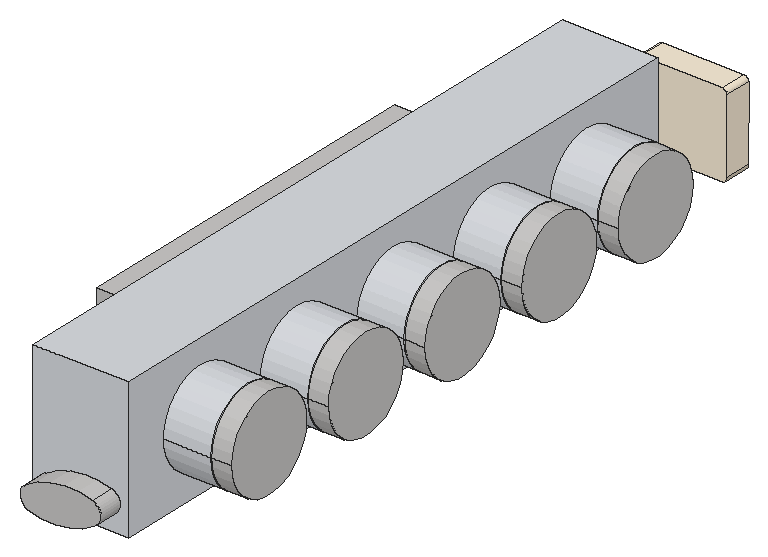
Revit family "HVAC_Ductwork_Airzone_Motorized-Plenum_Haier_Standard_5-Dampers", category Mechanical Equipment, Revit 2016
Family settings
  Part Type = Normal
  Round Connector Dimension = Use Diameter
  OmniClass Number = 23.75.70.14
  OmniClass Title = Air Ductwork
  Work Plane-Based = No
  Always vertical = Yes
  Cut with Voids When Loaded = No
  Shared = No
  Room Calculation Point = No
Parameters (values of type "HAIST01M5")
  Voltage = 230 V
  URL = "www.airzone.es"
  Type Image Comments = "Image available in product documentation download"  # constant formula
  Revit Model Version = "1.0"  # constant formula
  Revit Model Author URL = "www.a3d.es"
  Revit Model Author = "A3D Consulting"  # constant formula
  Product Documentation Download URL = "http://doc.airzone.es/BIM/Easyzone/Haier-Airzone_motorized_plenum.zip"
  Product Comments = "Refer to technical documentation for further details"  # constant formula
  Power Factor = 1
  Neck Width = 803.600 mm
  Neck Length = 95.000 mm
  Neck Height = 148.600 mm
  Material = Metal - AIRZONE - Galvanized Sheet - Semi-polished
  Main Control Board Material = Plastic - AIRZONE - Smooth - Off-white
  Load Classification = Other
  Insulated Body Width = 205.000 mm  # constant formula
  Insulated Body Material = Metal -AIRZONE - Insulating Lining -Aluminum Finish
  Insulated Body Length = 1425.000 mm  # constant formula
  Insulated Body Height = 300.000 mm  # constant formula
  Flow [instance] = Damper 5 Air Flow + Damper 4 Air Flow + Damper 3 Air Flow + Damper 2 Air Flow + Damper 1 Air Flow - Fresh Air Inlet 2 Flow - Fresh Air Inlet 1 Flow  # 1500 m³/h
  Fresh Air Inlet 1 Flow [instance] = 0 m³/h
  Fresh Air Inlet 2 Flow [instance] = 0 m³/h
  Fresh Air Inlet Connection Width = 175.000 mm
  Fresh Air Inlet Connection Height = 75.000 mm
  Model = "HAIST01M5"
  Neck Side Offset = 332.500 mm
  Neck Bottom Offset = 100.200 mm
  Type Image = <None>
  Manufacturer = "AIRZONE"  # constant formula
  Main Control Board Depth = 57.000 mm  # constant formula
  Main Control Board Width = 195.000 mm  # constant formula
  Main Control Board Height = 180.000 mm  # constant formula
  Fixing = ""
  Disclaimer = "All information provided in this model is reviewed before being published. However, Airzone cannot guarantee this model is error-free, therefore users are strongly encouraged to check for technical documentation and updates"  # constant formula
  Description = "Airzone standard motorized plenum with neck that mechanically adapts to the main ducted AC units of Haier."
  Type Comments = ""
  Dampers Length = 149.000 mm  # constant formula
  Dampers Diameter = 200.000 mm  # constant formula
  Damper 5 Air Flow [instance] = 300 m³/h
  Damper 4 Air Flow [instance] = 300 m³/h
  Damper 1 Air Flow [instance] = 300 m³/h
  Damper 2 Air Flow [instance] = 300 m³/h
  Damper 3 Air Flow [instance] = 300 m³/h
  Fresh Air Inlet Connection Offset Height = 48.305 mm  # constant formula
  Compatible Accesories = ""
  Apparent Load = 57.5 VA
Types (2, lengths in mm): name | Neck Width | Neck Height | Model | Neck Side Offset | Neck Bottom Offset
  HAIST01L5 | 1037.400 | 202.600 | "HAIST01L5" | 180.400 | 55.900
  HAIST01M5 | 803.600 | 148.600 | "HAIST01M5" | 332.500 | 100.200
Reference planes
  plane 1 "Center (Front/Back)": y = 0
  plane 2 "Center (Elevation)": z = 0
  plane 3 "Center (Left/Right)": x = 0
  plane 4 "Neck Back": y = 401.8
  plane 5 "Neck Front": y = -401.8
  plane 6 "Neck Top": z = 74.3
  plane 7 "Neck Bottom": z = -74.3
  plane 8 "Left": x = 95
  plane 9 "Bottom": z = -174.5
  plane 10 "Top": z = 125.5
  plane 11 "Front": y = -690.7
  plane 12 "Back": y = 734.3
  plane 13 "Right": x = 300
  plane 14 "Dampers Front": x = 449
  plane 15 "Dampers Center (Elevation)": z = -24.5
  plane 16 "Damper3": y = 21.8
  plane 17 "Damper2": y = 281.8
  plane 18 "Damper1": y = 541.8
  plane 19 "Middle": y = 21.8
  plane 20 "FreshAir Center (Elevation)": z = -126.195
  plane 21 "FreshAir1": y = 786.8
  plane 22 "FreshAir2": y = -743.2
  plane 23 "Dampers Lining": x = 404
  plane 24 "FreshAir Vertical Axis": x = 195.83
  plane 25 "ConnectionBox Side": x = 254
  plane 26 "Main Control Board Center (Left/Right)": x = 351.5
  plane 27 "Damper4": y = -238.2
  plane 28 "Damper5": y = -498.2
Forms (mm)
  Extrusion 1, solid, material "Metal - AIRZONE - Galvanized Sheet - Semi-polished" <- "Material"
    sketch origin (0, 0, 0) x (0, 1, 0) y (0, 0, 1)
      loop
        line (-401.8, 74.3) -> (-401.8, -74.3) -> (401.8, -74.3) -> (401.8, 74.3) -> (-401.8, 74.3)
    from 0 to 95
  Extrusion 2, solid, material "Metal -AIRZONE - Insulating Lining -Aluminum Finish" <- "Insulated Body Material"
    sketch origin (95, 0, 0) x (0, 1, 0) y (0, 0, 1)
      loop
        line (-690.7, 125.5) -> (-690.7, -174.5) -> (734.3, -174.5) -> (734.3, 125.5) -> (-690.7, 125.5)
    from 0 to 205
  Extrusion 3, solid, material "Metal - AIRZONE - Galvanized Sheet - Semi-polished" <- "Material"
    sketch origin (300, 0, 0) x (0, 1, 0) y (0, 0, 1)
      loop
        circle (21.8, -24.5) r 100
    from 104 to 149
  Extrusion 4, solid, material "Metal - AIRZONE - Galvanized Sheet - Semi-polished" <- "Material"
    sketch origin (300, 0, 0) x (0, 1, 0) y (0, 0, 1)
      loop
        circle (281.8, -24.5) r 100
    from 104 to 149
  Extrusion 5, solid, material "Metal - AIRZONE - Galvanized Sheet - Semi-polished" <- "Material"
    sketch origin (300, 0, 0) x (0, 1, 0) y (0, 0, 1)
      loop
        circle (541.8, -24.5) r 100
    from 104 to 149
  Extrusion 6, solid, material "Metal - AIRZONE - Galvanized Sheet - Semi-polished" <- "Material"
    sketch origin (0, -690.7, 0) x (0, 0, 1) y (1, 0, 0)
      loop
        arc (-93.641, 265.204) -> (-115.108, 282.105) -> (-139.812, 270.434) r 25.96
        arc (-139.812, 270.434) -> (-165.802, 200.598) -> (-158.349, 126.456) r 164.67
        arc (-158.349, 126.456) -> (-137.165, 109.589) -> (-112.494, 120.751) r 25.96
        arc (-112.494, 120.751) -> (-86.225, 190.78) -> (-93.641, 265.204) r 164.67
    from 0 to -52.5
  Extrusion 7, solid, material "Metal - AIRZONE - Galvanized Sheet - Semi-polished" <- "Material"
    sketch origin (0, 734.3, 0) x (0, 0, 1) y (1, 0, 0)
      loop
        arc (-93.641, 265.204) -> (-114.825, 282.071) -> (-139.496, 270.909) r 25.96
        arc (-139.496, 270.909) -> (-165.679, 201.53) -> (-158.767, 127.699) r 164.67
        arc (-158.767, 127.699) -> (-137.532, 109.637) -> (-112.178, 121.226) r 25.96
        arc (-112.178, 121.226) -> (-86.188, 191.062) -> (-93.641, 265.204) r 164.67
    from 0 to 52.5
  Extrusion 8, solid, material "Metal -AIRZONE - Insulating Lining -Aluminum Finish" <- "Insulated Body Material"
    sketch origin (300, 0, 0) x (0, 1, 0) y (0, 0, 1)
      loop
        circle (541.8, -24.5) r 100
    from 0 to 104
  Extrusion 9, solid, material "Metal -AIRZONE - Insulating Lining -Aluminum Finish" <- "Insulated Body Material"
    sketch origin (300, -260, 0) x (0, 1, 0) y (0, 0, 1)
      loop
        circle (541.8, -24.5) r 100
    from 0 to 104
  Extrusion 10, solid, material "Metal -AIRZONE - Insulating Lining -Aluminum Finish" <- "Insulated Body Material"
    sketch origin (300, -520, 0) x (0, 1, 0) y (0, 0, 1)
      loop
        circle (541.8, -24.5) r 100
    from 0 to 104
  Extrusion 11, solid, material "Metal - AIRZONE - Galvanized Sheet - Semi-polished" <- "Material"
    sketch origin (300, -190, 0) x (0, 1, 0) y (0, 0, 1)
      loop
        circle (-48.2, -24.5) r 100
    from 104 to 149
  Extrusion 12, solid, material "Metal -AIRZONE - Insulating Lining -Aluminum Finish" <- "Insulated Body Material"
    sketch origin (300, -710, 0) x (0, 1, 0) y (0, 0, 1)
      loop
        circle (471.8, -24.5) r 100
    from 0 to 104
  Extrusion 13, solid, material "Metal -AIRZONE - Insulating Lining -Aluminum Finish" <- "Insulated Body Material"
    sketch origin (300, -970, 0) x (0, 1, 0) y (0, 0, 1)
      loop
        circle (471.8, -24.5) r 100
    from 0 to 104
  Extrusion 14, solid, material "Metal - AIRZONE - Galvanized Sheet - Semi-polished" <- "Material"
    sketch origin (300, -450, 0) x (0, 1, 0) y (0, 0, 1)
      loop
        circle (-48.2, -24.5) r 100
    from 104 to 149
Lines and regions (mm)
  Masking region 1
    outline origin (0, 0, 0) x (1, 0, 0) y (0, 1, 0)
      loop
        line (95, 734.3) -> (95, -690.7) -> (300, -690.7) -> (300, 734.3) -> (95, 734.3)
  Masking region 2, detail levels medium+fine
    outline origin (0, 0, 0) x (1, 0, 0) y (0, 1, 0)
      loop
        line (0, 401.8) -> (0, -401.8) -> (95, -401.8) -> (95, 401.8) -> (0, 401.8)
  Masking region 3, detail levels medium+fine
    outline origin (0, 0, 0) x (1, 0, 0) y (0, 1, 0)
      loop
        line (300, 121.8) -> (300, -78.2) -> (449, -78.2) -> (449, 121.8) -> (300, 121.8)
  Masking region 4, detail levels medium+fine
    outline origin (0, 260, 0) x (1, 0, 0) y (0, 1, 0)
      loop
        line (300, 121.8) -> (300, -78.2) -> (449, -78.2) -> (449, 121.8) -> (300, 121.8)
  Masking region 5, detail levels medium+fine
    outline origin (0, 520, 0) x (1, 0, 0) y (0, 1, 0)
      loop
        line (300, 121.8) -> (300, -78.2) -> (449, -78.2) -> (449, 121.8) -> (300, 121.8)
  Masking region 6, detail levels medium+fine
    outline origin (0, 0, -126.195) x (1, 0, 0) y (0, 1, 0)
      loop
        line (108.33, 786.8) -> (108.33, 734.3) -> (283.33, 734.3) -> (283.33, 786.8) -> (108.33, 786.8)
  Masking region 7, detail levels medium+fine
    outline origin (0, 0, -126.195) x (1, 0, 0) y (0, 1, 0)
      loop
        line (108.33, -690.7) -> (108.33, -743.2) -> (283.33, -743.2) -> (283.33, -690.7) -> (108.33, -690.7)
  Masking region 8, detail levels medium+fine
    outline origin (0, 0, 125.5) x (0, -1, 0) y (1, 0, 0)
      loop
        line (-791.3, 254) -> (-734.3, 254) -> (-734.3, 449) -> (-791.3, 449) -> (-791.3, 254)
  Masking region 9, detail levels medium+fine
    outline origin (0, -190, 0) x (1, 0, 0) y (0, 1, 0)
      loop
        line (300, 51.8) -> (300, -148.2) -> (449, -148.2) -> (449, 51.8) -> (300, 51.8)
  Masking region 10, detail levels medium+fine
    outline origin (0, -450, 0) x (1, 0, 0) y (0, 1, 0)
      loop
        line (300, 51.8) -> (300, -148.2) -> (449, -148.2) -> (449, 51.8) -> (300, 51.8)
  symbolic lines, detail levels coarse
    curve 1: line (95, -690.7, 0) -> (300, 21.8, 0)
    curve 2: line (300, 21.8, 0) -> (95, 734.3, 0)
Dimensions and locks
  equal spacing: plane 4 "Neck Back", plane 1 "Center (Front/Back)", plane 5 "Neck Front"
  "Neck Width": plane 4 "Neck Back" to plane 5 "Neck Front"
  equal spacing: plane 6 "Neck Top", level, plane 7 "Neck Bottom"
  "Neck Height": plane 6 "Neck Top" to plane 7 "Neck Bottom"
  "Neck Length": plane 3 "Center (Left/Right)" to plane 8 "Left"
  "Neck Bottom Offset": plane 7 "Neck Bottom" to plane 9 "Bottom"
  "Insulated Body Height": plane 10 "Top" to plane 9 "Bottom"
  "Insulated Body Length": plane 12 "Back" to plane 11 "Front"
  "Insulated Body Width": plane 8 "Left" to plane 13 "Right"
  "Dampers Length": plane 13 "Right" to plane 14 "Dampers Front"
  equal spacing: plane 10 "Top", plane 15 "Dampers Center (Elevation)", plane 9 "Bottom"
  equal spacing: plane 12 "Back", plane 19 "Middle", plane 11 "Front"
  plane 8 "Left" to plane 13 "Right" = 205.000 mm
  "Fresh Air Inlet Connection Offset Height": plane 20 "FreshAir Center (Elevation)" to plane 9 "Bottom"
  locked: Extrusion 6 sketch curve to plane 9 "Bottom" at 56.47
  locked: plane 13 "Right" to Extrusion 6 sketch curve at 43.69
  locked: plane 13 "Right" to Extrusion 6 sketch curve at 164.65
  locked: Extrusion 6 sketch curve to plane 9 "Bottom" at 40.54
  locked: plane 13 "Right" to Extrusion 6 sketch curve at 87.91
  locked: plane 9 "Bottom" to Extrusion 6 sketch curve at 75.01
  locked: plane 13 "Right" to Extrusion 6 sketch curve at 120.43
  locked: Extrusion 6 sketch curve to plane 9 "Bottom" at 172.02
  locked: plane 13 "Right" to Extrusion 7 sketch curve at 43.69
  locked: Extrusion 7 sketch curve to plane 9 "Bottom" at 56.47
  locked: Extrusion 7 sketch curve to plane 9 "Bottom" at 40.54
  locked: plane 13 "Right" to Extrusion 7 sketch curve at 164.65
  locked: plane 13 "Right" to Extrusion 7 sketch curve at 120.43
  locked: Extrusion 7 sketch curve to plane 9 "Bottom" at 172.02
  locked: plane 9 "Bottom" to Extrusion 7 sketch curve at 75.01
  locked: plane 13 "Right" to Extrusion 7 sketch curve at 87.91
  "Neck Side Offset": plane 12 "Back" to plane 4 "Neck Back"
  locked: plane 21 "FreshAir1" to plane 12 "Back" at 52.5
  plane 11 "Front" to plane 22 "FreshAir2" = 52.500 mm
  locked: connector elem to plane 13 "Right" at 104.17
  locked: plane 20 "FreshAir Center (Elevation)" to connector elem
  locked: plane 13 "Right" to connector elem at 104.17
  locked: connector elem to plane 20 "FreshAir Center (Elevation)"
  locked: plane 23 "Dampers Lining" to plane 14 "Dampers Front" at 45
  locked: plane 24 "FreshAir Vertical Axis" to plane 13 "Right" at 104.17
  equal spacing: Masking region 3 sketch curve, plane 16 "Damper3", Masking region 3 sketch curve
  "Dampers Diameter": Masking region 3 sketch curve to Masking region 3 sketch curve
  "Dampers Diameter": Masking region 4 sketch curve to Masking region 4 sketch curve
  equal spacing: Masking region 5 sketch curve, plane 18 "Damper1", Masking region 5 sketch curve
  "Dampers Diameter": Masking region 5 sketch curve to Masking region 5 sketch curve
  equal spacing: Masking region 6 sketch curve, plane 24 "FreshAir Vertical Axis", Masking region 6 sketch curve
  "Fresh Air Inlet Connection Width": Masking region 6 sketch curve to Masking region 6 sketch curve
  equal spacing: Masking region 7 sketch curve, plane 24 "FreshAir Vertical Axis", Masking region 7 sketch curve
  "Fresh Air Inlet Connection Width": Masking region 7 sketch curve to Masking region 7 sketch curve
  "Main Control Board Depth": Masking region 8 sketch curve to plane 12 "Back"
  "Main Control Board Width": plane 25 "ConnectionBox Side" to plane 14 "Dampers Front"
  equal spacing: plane 25 "ConnectionBox Side", plane 26 "Main Control Board Center (Left/Right)", plane 14 "Dampers Front"
  locked: nested 1 to plane 10 "Top" at 10
  equal spacing: Masking region 4 sketch curve, plane 17 "Damper2", Masking region 4 sketch curve
  equal spacing: Masking region 9 sketch curve, plane 27 "Damper4", Masking region 9 sketch curve
  "Dampers Diameter": Masking region 9 sketch curve to Masking region 9 sketch curve
  plane 18 "Damper1" to plane 17 "Damper2" to plane 16 "Damper3" to plane 27 "Damper4" to plane 28 "Damper5" = 260.000 mm locked, 260.000 mm locked, 260.000 mm locked, 260.000 mm locked
  locked: plane 19 "Middle" to plane 16 "Damper3"
  equal spacing: Masking region 10 sketch curve, plane 28 "Damper5", Masking region 10 sketch curve
  "Dampers Diameter": Masking region 10 sketch curve to Masking region 10 sketch curve
  "Dampers Diameter": diameter of Extrusion 3 sketch curve
  "Dampers Diameter": diameter of Extrusion 4 sketch curve
  "Dampers Diameter": diameter of Extrusion 5 sketch curve
  radius of Extrusion 7 sketch curve = 164.670 mm  (x2)
  radius of Extrusion 7 sketch curve = 25.960 mm  (x2)
  radius of Extrusion 6 sketch curve = 164.670 mm  (x2)
  radius of Extrusion 6 sketch curve = 25.960 mm  (x2)
  "Dampers Diameter": diameter of Extrusion 8 sketch curve
  "Dampers Diameter": diameter of Extrusion 9 sketch curve
  "Dampers Diameter": diameter of Extrusion 10 sketch curve
  "Dampers Diameter": diameter of Extrusion 11 sketch curve
  "Dampers Diameter": diameter of Extrusion 12 sketch curve
  "Dampers Diameter": diameter of Extrusion 13 sketch curve
  "Dampers Diameter": diameter of Extrusion 14 sketch curve
  aligned and locked: level to plane 2 "Center (Elevation)"
  aligned and locked: plane 5 "Neck Front" to Extrusion 1 sketch curve
  aligned and locked: Extrusion 1 sketch curve to plane 6 "Neck Top"
  aligned and locked: Extrusion 1 sketch curve to plane 4 "Neck Back"
  aligned and locked: plane 7 "Neck Bottom" to Extrusion 1 sketch curve
  aligned and locked: Extrusion 1 to plane 3 "Center (Left/Right)"
  aligned and locked: Extrusion 2 sketch curve to plane 10 "Top"
  aligned and locked: Extrusion 2 sketch curve to plane 12 "Back"
  aligned and locked: plane 9 "Bottom" to Extrusion 2 sketch curve
  aligned and locked: plane 11 "Front" to Extrusion 2 sketch curve
  aligned and locked: plane 13 "Right" to Extrusion 2
  aligned and locked: Extrusion 2 to plane 8 "Left"
  aligned and locked: plane 16 "Damper3" to Extrusion 3 sketch curve
  aligned and locked: plane 15 "Dampers Center (Elevation)" to Extrusion 3 sketch curve
  aligned and locked: plane 15 "Dampers Center (Elevation)" to Extrusion 4 sketch curve
  aligned and locked: plane 18 "Damper1" to Extrusion 5 sketch curve
  aligned and locked: plane 15 "Dampers Center (Elevation)" to Extrusion 5 sketch curve
  aligned and locked: plane 14 "Dampers Front" to Extrusion 5
  aligned and locked: plane 14 "Dampers Front" to Extrusion 4
  aligned and locked: plane 14 "Dampers Front" to Extrusion 3
  aligned and locked: plane 8 "Left" to Extrusion 1
  aligned and locked: plane 22 "FreshAir2" to Extrusion 6
  aligned and locked: plane 21 "FreshAir1" to Extrusion 7
  aligned and locked: Extrusion 7 to plane 12 "Back"
  aligned and locked: plane 11 "Front" to Extrusion 6
  aligned and locked: Extrusion 5 to plane 23 "Dampers Lining"
  aligned and locked: Extrusion 5 to Extrusion 4
  aligned and locked: Extrusion 4 to Extrusion 3
  aligned and locked: plane 23 "Dampers Lining" to Extrusion 8
  aligned and locked: Extrusion 10 to plane 13 "Right"
  aligned and locked: plane 23 "Dampers Lining" to Extrusion 10
  aligned and locked: Extrusion 9 to plane 13 "Right"
  aligned and locked: plane 23 "Dampers Lining" to Extrusion 9
  aligned and locked: Extrusion 8 to plane 13 "Right"
  aligned and locked: Extrusion 9 to Extrusion 8
  aligned and locked: plane 18 "Damper1" to Extrusion 8 sketch curve
  aligned and locked: plane 15 "Dampers Center (Elevation)" to Extrusion 8 sketch curve
  aligned and locked: plane 15 "Dampers Center (Elevation)" to Extrusion 9 sketch curve
  aligned and locked: plane 16 "Damper3" to Extrusion 10 sketch curve
  aligned and locked: plane 15 "Dampers Center (Elevation)" to Extrusion 10 sketch curve
  aligned and locked: Masking region 1 sketch curve to plane 12 "Back"
  aligned and locked: plane 8 "Left" to Masking region 1 sketch curve
  aligned and locked: Masking region 1 sketch curve to plane 13 "Right"
  aligned and locked: plane 11 "Front" to Masking region 1 sketch curve
  aligned and locked: plane 5 "Neck Front" to Masking region 2 sketch curve
  aligned and locked: plane 3 "Center (Left/Right)" to Masking region 2 sketch curve
  aligned and locked: Masking region 2 sketch curve to plane 4 "Neck Back"
  aligned and locked: Masking region 2 sketch curve to plane 8 "Left"
  aligned and locked: plane 13 "Right" to Masking region 3 sketch curve
  aligned and locked: Masking region 3 sketch curve to plane 14 "Dampers Front"
  aligned and locked: plane 13 "Right" to Masking region 4 sketch curve
  aligned and locked: Masking region 4 sketch curve to plane 14 "Dampers Front"
  aligned and locked: plane 13 "Right" to Masking region 5 sketch curve
  aligned and locked: Masking region 5 sketch curve to plane 14 "Dampers Front"
  aligned and locked: plane 12 "Back" to Masking region 6 sketch curve
  aligned and locked: Masking region 6 sketch curve to plane 21 "FreshAir1"
  aligned and locked: Masking region 7 sketch curve to plane 11 "Front"
  aligned and locked: Masking region 7 sketch curve to plane 22 "FreshAir2"
  aligned and locked: plane 12 "Back" to Masking region 8 sketch curve
  aligned and locked: Masking region 8 sketch curve to plane 14 "Dampers Front"
  aligned and locked: plane 25 "ConnectionBox Side" to Masking region 8 sketch curve
  aligned and locked: plane 17 "Damper2" to Extrusion 9 sketch curve
  aligned and locked: plane 17 "Damper2" to Extrusion 4 sketch curve
  aligned and locked: Masking region 9 sketch curve to plane 14 "Dampers Front"
  aligned and locked: plane 13 "Right" to Masking region 9 sketch curve
  aligned and locked: Extrusion 12 to plane 13 "Right"
  aligned and locked: plane 23 "Dampers Lining" to Extrusion 12
  aligned and locked: Extrusion 11 to plane 23 "Dampers Lining"
  aligned and locked: plane 14 "Dampers Front" to Extrusion 11
  aligned and locked: plane 15 "Dampers Center (Elevation)" to Extrusion 12 sketch curve
  aligned and locked: plane 27 "Damper4" to Extrusion 12 sketch curve
  aligned and locked: plane 15 "Dampers Center (Elevation)" to Extrusion 11 sketch curve
  aligned and locked: plane 27 "Damper4" to Extrusion 11 sketch curve
  aligned and locked: Masking region 10 sketch curve to plane 14 "Dampers Front"
  aligned and locked: plane 13 "Right" to Masking region 10 sketch curve
  aligned and locked: plane 28 "Damper5" to Extrusion 13 sketch curve
  aligned and locked: plane 15 "Dampers Center (Elevation)" to Extrusion 13 sketch curve
  aligned and locked: Extrusion 14 to plane 23 "Dampers Lining"
  aligned and locked: plane 14 "Dampers Front" to Extrusion 14
  aligned and locked: plane 15 "Dampers Center (Elevation)" to Extrusion 14 sketch curve
  aligned and locked: plane 28 "Damper5" to Extrusion 14 sketch curve
  aligned and locked: nested 1 to plane 26 "Main Control Board Center (Left/Right)"
Automatic sketch dimensions
  curve 2 to plane 8 "Left" = 0.000 mm
  curve 1 to plane 8 "Left" = 0.000 mm
  curve 2 to plane 13 "Right" = 0.000 mm
  curve 1 to plane 11 "Front" = 0.000 mm
  curve 2 to plane 16 "Damper3" = 0.000 mm
  curve 2 to plane 12 "Back" = 0.000 mm
Nested families
  nested 1: "Airzone_Main-Control-Board" at (351.5, 734.3, 25.5) x (-1, 0, 0) z (0, 1, 0), Extrusion <- "Main Control Board Depth", Height <- "Main Control Board Height", Width <- "Main Control Board Width", Material <- "Main Control Board Material", type "Standard"
    with Width 195.000 mm, Material Plastic - AIRZONE - Smooth - Off-white, Height 180.000 mm, Extrusion 57.000 mm
Connectors
  hvac at (449, 21.8, -24.5), driven by "Damper 3 Air Flow", driven by "Dampers Diameter"
    settings: on Extrusion 3, index 1, duct flow 300 m³/h, flow factor 0, pres drop 0.0 Pa, loss coef 0, conn angle 0.00°, conn width 304.8 mm, conn height 304.8 mm, conn diameter 200 mm, duct sys type 1, conn prof type 0, flow config 0, flow direction 2, loss method 0, conn ref index -1, conn util no, is conn primary no, conn desc "Supply Air Out 3"
  hvac at (449, 281.8, -24.5), driven by "Damper 2 Air Flow", driven by "Dampers Diameter"
    settings: on Extrusion 4, index 2, duct flow 300 m³/h, flow factor 0, pres drop 0.0 Pa, loss coef 0, conn angle 0.00°, conn width 304.8 mm, conn height 304.8 mm, conn diameter 200 mm, duct sys type 1, conn prof type 0, flow config 0, flow direction 2, loss method 0, conn ref index -1, conn util no, is conn primary no, conn desc "Supply Air Out 2"
  hvac at (449, 541.8, -24.5), driven by "Damper 1 Air Flow", driven by "Dampers Diameter"
    settings: on Extrusion 5, index 3, duct flow 300 m³/h, flow factor 0, pres drop 0.0 Pa, loss coef 0, conn angle 0.00°, conn width 304.8 mm, conn height 304.8 mm, conn diameter 200 mm, duct sys type 1, conn prof type 0, flow config 0, flow direction 2, loss method 0, conn ref index -1, conn util no, is conn primary no, conn desc "Supply Air Out 1"
  hvac at (0, 0, 0), driven by "Flow", driven by "Neck Height", driven by "Neck Width"
    settings: on Extrusion 1, index 6, duct flow 1500 m³/h, flow factor 0, pres drop 0.0 Pa, loss coef 0, conn angle 0.00°, conn width 803.6 mm, conn height 148.6 mm, conn diameter 609.6 mm, duct sys type 1, conn prof type 1, flow config 1, flow direction 1, loss method 0, conn ref index -1, conn util no, is conn primary yes, conn desc "Supply Air In"
  hvac at (195.83, -743.2, -126.195), driven by "Fresh Air Inlet 2 Flow", driven by "Fresh Air Inlet Connection Width", driven by "Fresh Air Inlet Connection Height"
    settings: index 7, duct flow 0 m³/h, flow factor 0, pres drop 0.0 Pa, loss coef 0, conn angle 0.00°, conn width 175 mm, conn height 75 mm, conn diameter 609.6 mm, duct sys type 1, conn prof type 2, flow config 1, flow direction 1, loss method 0, conn ref index -1, conn util no, is conn primary no, conn desc "Fresh Air In 2"
  hvac at (195.83, 786.8, -126.195), driven by "Fresh Air Inlet 1 Flow", driven by "Fresh Air Inlet Connection Height", driven by "Fresh Air Inlet Connection Width"
    settings: index 8, duct flow 0 m³/h, flow factor 0, pres drop 0.0 Pa, loss coef 0, conn angle 0.00°, conn width 175 mm, conn height 75 mm, conn diameter 609.6 mm, duct sys type 1, conn prof type 2, flow config 1, flow direction 1, loss method 0, conn ref index -1, conn util no, is conn primary no, conn desc "Fresh Air In 1"
  hvac at (449, -238.2, -24.5), driven by "Damper 4 Air Flow", driven by "Dampers Diameter"
    settings: on Extrusion 11, index 9, duct flow 300 m³/h, flow factor 0, pres drop 0.0 Pa, loss coef 0, conn angle 0.00°, conn width 304.8 mm, conn height 304.8 mm, conn diameter 200 mm, duct sys type 1, conn prof type 0, flow config 0, flow direction 2, loss method 0, conn ref index -1, conn util no, is conn primary no, conn desc "Supply Air Out 4"
  hvac at (449, -498.2, -24.5), driven by "Damper 5 Air Flow", driven by "Dampers Diameter"
    settings: on Extrusion 14, index 10, duct flow 300 m³/h, flow factor 0, pres drop 0.0 Pa, loss coef 0, conn angle 0.00°, conn width 304.8 mm, conn height 304.8 mm, conn diameter 200 mm, duct sys type 1, conn prof type 0, flow config 0, flow direction 2, loss method 0, conn ref index -1, conn util no, is conn primary no, conn desc "Supply Air Out 5"
  electrical at (351.5, 791.3, 25.5), driven by "Load Classification", driven by "Voltage", driven by "Apparent Load", driven by "Power Factor"
    settings: on nested 1, index 11, voltage 230 V, apparent load 57.5 VA, apparent load phase1 0 VA, apparent load phase2 0 VA, apparent load phase3 0 VA, power factor 1, load classification "Other", number of poles 1, system type 30, power factor state 1, is connector primary yes, connector utility no, sub classification motor no, connector description "Power Supply"
Definition of nested family "Airzone_Main-Control-Board"
  Parameters (values of type "Standard")
    Width [instance] = 195.000 mm
    URL = "www.airzone.es"
    Revit Model Version = "1.0"  # constant formula
    Revit Model Author URL = "www.a3d.es"
    Revit Model Author = "A3D Consulting"  # constant formula
    Material [instance] = none
    Manufacturer = "AIRZONE"  # constant formula
    Height [instance] = 180.000 mm
    Extrusion [instance] = 57.000 mm
    Default Elevation = 0.000 mm
  Reference planes
    plane 1 "Center (Front/Back)": y = 0
    plane 2: z = 0
    plane 3 "Center (Left/Right)": x = 0
    plane 4: y = 90
    plane 5: y = -90
    plane 6: x = 97.5
    plane 7: x = -97.5
  Forms (mm)
    Extrusion 1, solid, material <- "Material"
      sketch origin (0, 0, 0) x (1, 0, 0) y (0, 1, 0)
        loop
          arc (-87.5, 90) -> (-94.571, 87.071) -> (-97.5, 80) r 10
          line (-97.5, 80) -> (-97.5, -80)
          arc (-97.5, -80) -> (-94.571, -87.071) -> (-87.5, -90) r 10
          line (-87.5, -90) -> (87.5, -90)
          arc (87.5, -90) -> (94.571, -87.071) -> (97.5, -80) r 10
          line (97.5, -80) -> (97.5, 80)
          arc (97.5, 80) -> (94.571, 87.071) -> (87.5, 90) r 10
          line (87.5, 90) -> (-87.5, 90)
      from 0 to 57 <- "Extrusion"
  Dimensions and locks
    equal spacing: plane 7, plane 3 "Center (Left/Right)", plane 6
    equal spacing: plane 4, plane 1 "Center (Front/Back)", plane 5
    "Width": plane 7 to plane 6
    "Height": plane 4 to plane 5
    radius of Extrusion 1 sketch curve = 10.000 mm  (x4)
    aligned and locked: level to plane 2
    aligned and locked: plane 5 to Extrusion 1 sketch curve
    aligned and locked: Extrusion 1 sketch curve to plane 6
    aligned and locked: Extrusion 1 sketch curve to plane 4
    aligned and locked: plane 7 to Extrusion 1 sketch curve
